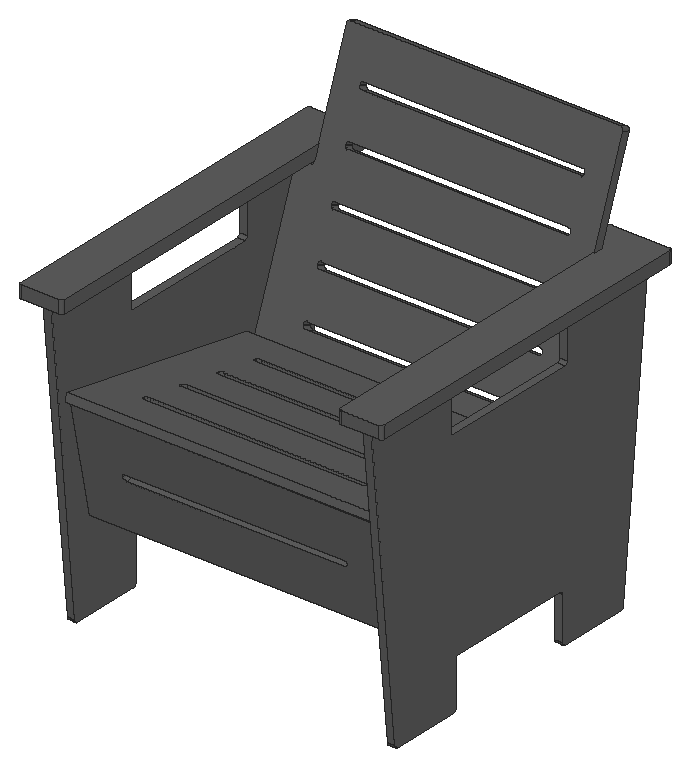
Revit family "Lollygagger Go Lounge", category Furniture, Revit 2016 (continued)
Automatic sketch dimensions
  Extrusion 7 sketch curve to Extrusion 7 sketch curve = 0' - 3.225"  (x4)
  Extrusion 7 sketch curve to Extrusion 7 sketch curve = 0' - 0 1/16"  (x4)
  Extrusion 7 sketch curve to Extrusion 7 sketch curve = 0' - 3.4696"
  Extrusion 8 sketch curve to plane 21 = 0' - 0"  (x2)
  plane 21 to Extrusion 8 sketch curve = 0' - 0.50315"
  Extrusion 8 sketch curve to plane 20 = 0' - 2.24087"
  Extrusion 8 sketch curve to Extrusion 8 sketch curve = 0' - 0.96228"
  Extrusion 8 sketch curve to Extrusion 8 sketch curve = 0' - 0.03392"
  Extrusion 8 sketch curve to Extrusion 8 sketch curve = 0' - 0.99619"
  Extrusion 8 sketch curve to Extrusion 8 sketch curve = 0' - 0.04385"
  Extrusion 8 sketch curve to Extrusion 8 sketch curve = 0' - 0.37403"
  plane 9 to Extrusion 9 sketch curve = 0' - 0 3/8"
  plane 15 to Extrusion 9 sketch curve = 0' - 0.56039"
  plane 15 to Extrusion 9 sketch curve = 0' - 0.19696"
  plane 15 to Extrusion 9 sketch curve = 0' - 0.18471"
  Extrusion 9 sketch curve to plane 16 = 0' - 0.19086"
  Extrusion 9 sketch curve to plane 16 = 0' - 0.19239"
  Extrusion 9 sketch curve to plane 16 = 0' - 0.56039"
  Extrusion 9 sketch curve to plane 17 = 0' - 0 3/8"
  Extrusion 9 sketch curve to plane 11 = 0' - 3.85509"
  Extrusion 9 sketch curve to Extrusion 9 sketch curve = 0' - 0.50665"
  Extrusion 9 sketch curve to Extrusion 9 sketch curve = 0' - 0.49897"
  Extrusion 9 sketch curve to Extrusion 9 sketch curve = 0' - 0.5016"
  plane 18 to Extrusion 10 sketch curve = 0' - 0 3/8"
  Extrusion 10 sketch curve to plane 14 = 0' - 0.56039"
  Extrusion 10 sketch curve to plane 14 = 0' - 0.19239"
  Extrusion 10 sketch curve to plane 14 = 0' - 0.19086"
  plane 13 to Extrusion 10 sketch curve = 0' - 0.18471"
  plane 13 to Extrusion 10 sketch curve = 0' - 0.19696"
  plane 13 to Extrusion 10 sketch curve = 0' - 0.56039"
  Extrusion 10 sketch curve to plane 10 = 0' - 0 3/8"
  Extrusion 10 sketch curve to plane 12 = 0' - 0.23033"
  Extrusion 10 sketch curve to Extrusion 10 sketch curve = 0' - 0.50665"
  Extrusion 10 sketch curve to Extrusion 10 sketch curve = 0' - 0.49897"
  Extrusion 10 sketch curve to Extrusion 10 sketch curve = 0' - 0.5016"
  plane 18 to Extrusion 11 sketch curve = 0' - 0 3/8"
  Extrusion 11 sketch curve to plane 14 = 0' - 0.56039"
  Extrusion 11 sketch curve to plane 14 = 0' - 0.19239"
  Extrusion 11 sketch curve to plane 14 = 0' - 0.19086"
  plane 13 to Extrusion 11 sketch curve = 0' - 0.18471"
  plane 13 to Extrusion 11 sketch curve = 0' - 0.19696"
  plane 13 to Extrusion 11 sketch curve = 0' - 0.56039"
  Extrusion 11 sketch curve to plane 10 = 0' - 0 3/8"
  Extrusion 11 sketch curve to plane 11 = 0' - 3.85509"
  Extrusion 11 sketch curve to Extrusion 11 sketch curve = 0' - 0.50665"
  Extrusion 11 sketch curve to Extrusion 11 sketch curve = 0' - 0.49897"
  Extrusion 11 sketch curve to Extrusion 11 sketch curve = 0' - 0.5016"
  Extrusion 12 sketch curve to plane 18 = 0' - 0"
  Extrusion 12 sketch curve to plane 17 = 0' - 0"
  Extrusion 12 sketch curve to plane 16 = 0' - 0"
  Extrusion 12 sketch curve to plane 14 = 0' - 0"
  Extrusion 12 sketch curve to plane 18 = 0' - 0 1/4"
  Extrusion 12 sketch curve to Extrusion 12 sketch curve = 0' - 0 1/4"  (x11)
  Extrusion 12 sketch curve to Extrusion 12 sketch curve = 0' - 3 1/8"
  Extrusion 12 sketch curve to Extrusion 12 sketch curve = 0' - 0.27799"  (x5)
  Extrusion 12 sketch curve to Extrusion 12 sketch curve = 0' - 0 1/16"  (x6)
  Extrusion 12 sketch curve to Extrusion 12 sketch curve = 0' - 0.07589"  (x5)
  Extrusion 12 sketch curve to Extrusion 12 sketch curve = 0' - 3 3/8"  (x5)
  Extrusion 12 sketch curve to Extrusion 12 sketch curve = 0' - 1.93316"
  Extrusion 12 sketch curve to Extrusion 12 sketch curve = 0' - 1.89276"
  Extrusion 12 sketch curve to Extrusion 12 sketch curve = 0' - 0.20862"  (x2)
  Extrusion 12 sketch curve to Extrusion 12 sketch curve = 0' - 0.27964"
  Extrusion 12 sketch curve to Extrusion 12 sketch curve = 0' - 0.03286"
  Extrusion 12 sketch curve to Extrusion 12 sketch curve = 0' - 3.64"
  plane 17 to Extrusion 12 sketch curve = 0' - 2 1/16"  (x6)
  Extrusion 12 sketch curve to plane 18 = 0' - 2.34214"
  Extrusion 12 sketch curve to plane 18 = 0' - 2.34049"  (x5)
  plane 17 to Masking region 6 sketch curve = 0' - 0 1/4"
  plane 4 to Masking region 6 sketch curve = 0' - 0.62313"
  plane 17 to Masking region 6 sketch curve = 0' - 2.30907"
  plane 17 to Masking region 6 sketch curve = 0' - 2.31338"
  Masking region 6 sketch curve to Masking region 6 sketch curve = 0' - 0.00088"
  Masking region 6 sketch curve to plane 18 = 0' - 2.3413"
  Masking region 6 sketch curve to plane 18 = 0' - 2.33831"
  Masking region 6 sketch curve to Masking region 6 sketch curve = 0' - 0.07018"
  Masking region 6 sketch curve to plane 18 = 0' - 0 1/4"
  plane 8 to Masking region 6 sketch curve = 0' - 3.22384"
  Masking region 6 sketch curve to plane 5 = 0' - 0 1/4"  (x2)
  Masking region 6 sketch curve to Masking region 6 sketch curve = 0' - 3.37484"
  Masking region 6 sketch curve to Masking region 6 sketch curve = 0' - 0.30116"
  Masking region 6 sketch curve to Masking region 6 sketch curve = 0' - 3.12481"
  Masking region 6 sketch curve to Masking region 6 sketch curve = 0' - 0.23075"
  Masking region 6 sketch curve to Masking region 6 sketch curve = 0' - 0.24828"
  Masking region 6 sketch curve to Masking region 6 sketch curve = 0' - 0.00084"
  Masking region 6 sketch curve to Masking region 6 sketch curve = 0' - 0.19149"
  Masking region 6 sketch curve to Masking region 6 sketch curve = 0' - 0.01713"
  Masking region 6 sketch curve to Masking region 6 sketch curve = 0' - 0.01474"
  Masking region 6 sketch curve to Masking region 6 sketch curve = 0' - 0.03528"
  Masking region 6 sketch curve to Masking region 6 sketch curve = 0' - 0.06162"
  Extrusion 13 sketch curve to plane 16 = 0' - 0"
  Extrusion 13 sketch curve to plane 14 = 0' - 0"
  Extrusion 13 sketch curve to Extrusion 13 sketch curve = 0' - 3 3/4"
  Extrusion 14 sketch curve to plane 12 = 0' - 0.3687"
  Extrusion 14 sketch curve to plane 20 = 0' - 0.9397"
  Extrusion 14 sketch curve to Extrusion 14 sketch curve = 0' - 0.00349"
  Extrusion 14 sketch curve to Extrusion 14 sketch curve = 0' - 0.87548"
  Extrusion 14 sketch curve to Extrusion 14 sketch curve = 0' - 0.00476"
  Extrusion 14 sketch curve to Extrusion 14 sketch curve = 0' - 0.62182"
  Extrusion 14 sketch curve to Extrusion 14 sketch curve = 0' - 3.99918"
  Extrusion 14 sketch curve to Extrusion 14 sketch curve = 0' - 0.62516"
  Extrusion 14 sketch curve to Extrusion 14 sketch curve = 0' - 0.62994"
  Extrusion 14 sketch curve to Extrusion 14 sketch curve = 0' - 0.87496"
  Extrusion 14 sketch curve to Extrusion 14 sketch curve = 0' - 0.00327"
  Extrusion 14 sketch curve to Extrusion 14 sketch curve = 0' - 0.60139"
  Extrusion 14 sketch curve to Extrusion 14 sketch curve = 0' - 0.00477"
  Extrusion 14 sketch curve to Extrusion 14 sketch curve = 0' - 0.63744"
  Extrusion 14 sketch curve to Extrusion 14 sketch curve = 0' - 0.6422"
  Extrusion 14 sketch curve to Extrusion 14 sketch curve = 0' - 0.23365"
  Extrusion 14 sketch curve to Extrusion 14 sketch curve = 0' - 0.26712"
  Extrusion 15 sketch curve to plane 20 = 0' - 0"
  Extrusion 15 sketch curve to plane 1 "Center Front/Back" = 0' - 0.27969"
  Extrusion 15 sketch curve to plane 20 = 0' - 0.64415"
  Extrusion 15 sketch curve to Extrusion 15 sketch curve = 0' - 0.0035"
  Extrusion 15 sketch curve to Extrusion 15 sketch curve = 0' - 0.87548"
  Extrusion 15 sketch curve to plane 20 = 0' - 1.51487"
  Extrusion 15 sketch curve to Extrusion 15 sketch curve = 0' - 0.00476"
  Extrusion 15 sketch curve to Extrusion 15 sketch curve = 0' - 0.62786"
  Extrusion 15 sketch curve to plane 20 = 0' - 0.90927"
  Extrusion 15 sketch curve to Extrusion 15 sketch curve = 0' - 3.99994"
  Extrusion 15 sketch curve to Extrusion 15 sketch curve = 0' - 0.61837"
  Extrusion 15 sketch curve to plane 20 = 0' - 1.48635"
  Extrusion 15 sketch curve to Extrusion 15 sketch curve = 0' - 0.62314"
  Extrusion 15 sketch curve to Extrusion 15 sketch curve = 0' - 0.87495"
  Extrusion 15 sketch curve to plane 20 = 0' - 0.60334"
  Extrusion 15 sketch curve to Extrusion 15 sketch curve = 0' - 0.00328"
  Extrusion 15 sketch curve to Extrusion 15 sketch curve = 0' - 0.29162"
  plane 17 to Masking region 7 sketch curve = 0' - 0.05267"
  Masking region 7 sketch curve to Masking region 7 sketch curve = 0' - 0.09258"
  Masking region 7 sketch curve to plane 6 = 0' - 0.01504"  (x2)
  plane 17 to Masking region 7 sketch curve = 0' - 0.1561"
  Masking region 7 sketch curve to plane 18 = 0' - 0.1561"
  Masking region 7 sketch curve to plane 18 = 0' - 0.1393"
  Masking region 7 sketch curve to plane 18 = 0' - 0.05267"
  plane 12 to Masking region 7 sketch curve = 0' - 0.98805"
  plane 6 to Masking region 7 sketch curve = 0' - 0.15754"  (x2)
  Masking region 7 sketch curve to Masking region 7 sketch curve = 0' - 0.02209"
  Masking region 7 sketch curve to Masking region 7 sketch curve = 0' - 0.08459"
  plane 17 to Masking region 7 sketch curve = 0' - 0.03172"
  Extrusion 16 sketch curve to plane 20 = 0' - 0.01112"
  plane 21 to Extrusion 16 sketch curve = 0' - 2.82337"
  Extrusion 16 sketch curve to Extrusion 16 sketch curve = 0' - 0"
  Extrusion 16 sketch curve to plane 20 = 0' - 0.27299"
  Extrusion 16 sketch curve to Extrusion 16 sketch curve = 0' - 7.49923"
  Extrusion 16 sketch curve to plane 20 = 0' - 3.26496"
  Extrusion 16 sketch curve to Extrusion 16 sketch curve = 0' - 6.32395"
  Extrusion 16 sketch curve to plane 20 = 0' - 0.03328"
  Extrusion 16 sketch curve to Extrusion 16 sketch curve = 0' - 1.19811"
  Extrusion 16 sketch curve to plane 20 = 0' - 0.09574"
  Extrusion 17 sketch curve to Extrusion 13 = 0' - 0.99249"
  Extrusion 17 sketch curve to Extrusion 13 = 1' - 0"
  Extrusion 17 sketch curve to Extrusion 17 sketch curve = 0' - 0.36633"
  Extrusion 17 sketch curve to Extrusion 17 sketch curve = 0' - 0.38261"
  Extrusion 17 sketch curve to Extrusion 17 sketch curve = 0' - 0.99953"
  Extrusion 17 sketch curve to Extrusion 17 sketch curve = 0' - 0.00047"
  Extrusion 18 sketch curve to plane 3 "Center Left/Right" = 0' - 0 1/2"
  Extrusion 18 sketch curve to Extrusion 18 sketch curve = 0' - 0.36633"
  Extrusion 18 sketch curve to Extrusion 18 sketch curve = 0' - 0.38261"
  Extrusion 18 sketch curve to Extrusion 18 sketch curve = 0' - 1"
  Extrusion 18 sketch curve to Extrusion 18 sketch curve = 0' - 0.00047"
  Extrusion 19 sketch curve to plane 21 = 0' - 0"  (x2)
  plane 21 to Extrusion 19 sketch curve = 0' - 0.50315"
  Extrusion 19 sketch curve to plane 20 = 0' - 2.24087"
  Extrusion 19 sketch curve to Extrusion 19 sketch curve = 0' - 0.96228"
  Extrusion 19 sketch curve to Extrusion 19 sketch curve = 0' - 0.03392"
  Extrusion 19 sketch curve to Extrusion 19 sketch curve = 0' - 0.99619"
  Extrusion 19 sketch curve to Extrusion 19 sketch curve = 0' - 0.04385"
  Extrusion 19 sketch curve to Extrusion 19 sketch curve = 0' - 0.37403"
  Extrusion 20 sketch curve to plane 12 = 0' - 0.3687"
  Extrusion 20 sketch curve to plane 20 = 0' - 0.9397"
  Extrusion 20 sketch curve to Extrusion 20 sketch curve = 0' - 0.00349"
  Extrusion 20 sketch curve to Extrusion 20 sketch curve = 0' - 0.87548"
  Extrusion 20 sketch curve to Extrusion 20 sketch curve = 0' - 0.00476"
  Extrusion 20 sketch curve to Extrusion 20 sketch curve = 0' - 0.62182"
  Extrusion 20 sketch curve to Extrusion 20 sketch curve = 0' - 3.99918"
  Extrusion 20 sketch curve to Extrusion 20 sketch curve = 0' - 0.62516"
  Extrusion 20 sketch curve to Extrusion 20 sketch curve = 0' - 0.62994"
  Extrusion 20 sketch curve to Extrusion 20 sketch curve = 0' - 0.87496"
  Extrusion 20 sketch curve to Extrusion 20 sketch curve = 0' - 0.00327"
  Extrusion 20 sketch curve to Extrusion 20 sketch curve = 0' - 0.60139"
  Extrusion 20 sketch curve to Extrusion 20 sketch curve = 0' - 0.00477"
  Extrusion 20 sketch curve to Extrusion 20 sketch curve = 0' - 0.63744"
  Extrusion 20 sketch curve to Extrusion 20 sketch curve = 0' - 0.6422"
  Extrusion 20 sketch curve to Extrusion 20 sketch curve = 0' - 0.23365"
  Extrusion 20 sketch curve to Extrusion 20 sketch curve = 0' - 0.26712"
  Extrusion 21 sketch curve to plane 20 = 0' - 0"
  Extrusion 21 sketch curve to plane 1 "Center Front/Back" = 0' - 0.27969"
  Extrusion 21 sketch curve to plane 20 = 0' - 0.64415"
  Extrusion 21 sketch curve to Extrusion 21 sketch curve = 0' - 0.0035"
  Extrusion 21 sketch curve to Extrusion 21 sketch curve = 0' - 0.87548"
  Extrusion 21 sketch curve to plane 20 = 0' - 1.51487"
  Extrusion 21 sketch curve to Extrusion 21 sketch curve = 0' - 0.00476"
  Extrusion 21 sketch curve to Extrusion 21 sketch curve = 0' - 0.62786"
  Extrusion 21 sketch curve to plane 20 = 0' - 0.90927"
  Extrusion 21 sketch curve to Extrusion 21 sketch curve = 0' - 3.99994"
  Extrusion 21 sketch curve to Extrusion 21 sketch curve = 0' - 0.61837"
  Extrusion 21 sketch curve to plane 20 = 0' - 1.48635"
  Extrusion 21 sketch curve to Extrusion 21 sketch curve = 0' - 0.62314"
  Extrusion 21 sketch curve to Extrusion 21 sketch curve = 0' - 0.87495"
  Extrusion 21 sketch curve to plane 20 = 0' - 0.60334"
  Extrusion 21 sketch curve to Extrusion 21 sketch curve = 0' - 0.00328"
  Extrusion 21 sketch curve to Extrusion 21 sketch curve = 0' - 0.29162"
  Masking region 6 sketch curve to Masking region 6 sketch curve = 0' - 0.19519"
  Masking region 6 sketch curve to Masking region 6 sketch curve = 0' - 0.12413"
  Masking region 6 sketch curve to Masking region 6 sketch curve = 0' - 0.06764"
  Masking region 6 sketch curve to Masking region 6 sketch curve = 0' - 0.00012"
  Masking region 6 sketch curve to Masking region 6 sketch curve = 0' - 0.10639"
  Masking region 6 sketch curve to Masking region 6 sketch curve = 0' - 0.01438"
  Masking region 6 sketch curve to Masking region 6 sketch curve = 0' - 0.00343"  (x2)
  Masking region 6 sketch curve to Masking region 6 sketch curve = 0' - 0"  (x8)
  Masking region 6 sketch curve to Masking region 6 sketch curve = 0' - 0 1/4"
  Masking region 6 sketch curve to Masking region 6 sketch curve = 0' - 0.06777"
  Masking region 6 sketch curve to Masking region 6 sketch curve = 0' - 0.08282"
  Masking region 6 sketch curve to plane 18 = 0' - 2.34049"  (x2)
  Masking region 6 sketch curve to plane 5 = 0' - 2.05282"
  plane 17 to Masking region 6 sketch curve = 0' - 2 5/16"  (x2)
  Masking region 6 sketch curve to Masking region 6 sketch curve = 0' - 0.06938"  (x2)
  Masking region 6 sketch curve to Masking region 6 sketch curve = 0' - 0.20862"
  Masking region 6 sketch curve to Masking region 6 sketch curve = 0' - 0.01432"  (x3)
  Masking region 6 sketch curve to Masking region 6 sketch curve = 0' - 0.04163"  (x2)
  Masking region 6 sketch curve to Masking region 6 sketch curve = 0' - 0.15313"
  Masking region 6 sketch curve to Masking region 6 sketch curve = 0' - 0.23373"  (x2)
  Masking region 6 sketch curve to Masking region 6 sketch curve = 0' - 0.15058"  (x2)
  Masking region 6 sketch curve to Masking region 6 sketch curve = 0' - 0.16563"  (x2)
  Masking region 6 sketch curve to Masking region 6 sketch curve = 0' - 3.37481"
  Masking region 6 sketch curve to Masking region 6 sketch curve = 0' - 0.1943"
  Masking region 6 sketch curve to Masking region 6 sketch curve = 0' - 0.08222"
  radius of Extrusion 5 sketch curve = 0' - 0.15388"  (x2)
  radius of Extrusion 8 sketch curve = 0' - 0.15567"
  radius of Extrusion 9 sketch curve = 0' - 0.15388"  (x2)
  radius of Extrusion 10 sketch curve = 0' - 0.15388"  (x2)
  radius of Extrusion 11 sketch curve = 0' - 0.15388"  (x2)
  radius of Extrusion 14 sketch curve = 0' - 0.15567"  (x2)
  radius of Extrusion 15 sketch curve = 0' - 0.15567"  (x2)
  radius of Extrusion 17 sketch curve = 0' - 0.17706"
  radius of Extrusion 18 sketch curve = 0' - 0.17706"
  radius of Extrusion 19 sketch curve = 0' - 0.15567"
  radius of Extrusion 20 sketch curve = 0' - 0.15567"  (x2)
  radius of Extrusion 21 sketch curve = 0' - 0.15567"  (x2)
Types (11): name | Type Image | Finish Material
  Loll-Black | go_lounge.jpg | Loll-Black
  Loll-Sunset | go_lounge.jpg | Loll-Sunset
  Loll-Chocolate | <None> | Loll-Chocolate
  Loll-Sky | go_lounge.jpg | Loll-Sky
  Loll-Apple | go_lounge.jpg | Loll-Apple
  Loll-Leaf | go_lounge.jpg | Loll-Leaf
  Loll-Evergreen | go_lounge.jpg | Loll-Evergreen
  Loll-Charcoal | go_lounge.jpg | Loll-Charcoal
  Loll-Sand | go_lounge.jpg | Loll-Sand
  Loll-Navy Blue | go_lounge.jpg | Loll-Navy Blue
  Loll-White | go_lounge.jpg | Loll-White
